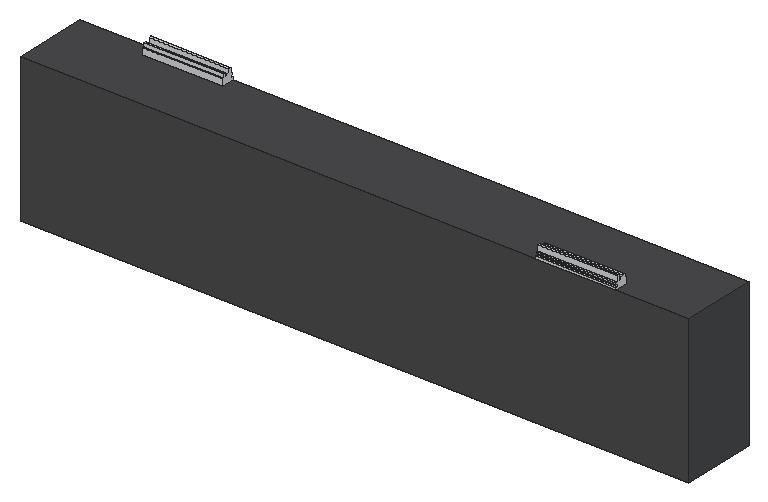
Revit family "DTM15W3.1.15", category Luminarias, Revit 2019
Family settings
  Cota de conector redondo = Diámetro de uso
  Tipo de pieza = Normal
  Se basa en plano de trabajo = Sí
  Siempre vertical = Sí
  Corte con vacíos al cargar = No
  Origen de luz = Sí
  Compartido = No
  Punto de cálculo de habitación = No
Parameters (values of type "RECTANGULAR DWN RIEL_DTM15W3.1.15")
  Ángulo de inclinación = 60.00°
  Zone [instance] = ""
  Watt per fixture = 15
  Wattage = 15 W
  built-in parameter 1150107 = 3000 (stored number, unit not read)
  built-in parameter 1150110 = 1 (stored number, unit not read)
  built-in parameter 1150109 = 1 (stored number, unit not read)
  built-in parameter 1150112 = 1 (stored number, unit not read)
  built-in parameter 1150113 = 1 (stored number, unit not read)
  built-in parameter 1114218 = 1 (stored number, unit not read)
  Keynote = ""
  built-in parameter 1150137 = (empty or 0)
  built-in parameter 1150132 = (empty or 0)
  Modelo = "DTM15W3.1.15"
  Lámpara = "3030SMD PHILIPS"
  built-in parameter 1150105 = 102.65 (stored number, unit not read)
  built-in parameter 1150102 = (empty or 0)
  built-in parameter 1150106 = 1.0265 (stored number, unit not read)
  Lumens = 1290 lm
  Color Filter = 16777215
  built-in parameter 1114217 = 1 (stored number, unit not read)
  built-in parameter 1150139 = (empty or 0)
  Fabricante = "BRILLANT"
  Default Elevation = 1219.2 mm
  built-in parameter 1150104 = 7.9897 (stored number, unit not read)
  Descripción = "LUMINARIA DOWNLIGHT EN FORMATO RECTANGULAR COMPATIBLE CON RIEL DE 6 ENTRADAS Y 3 CIRCUITOS, CUERPO DE ALUMINIO ACABADO EN COLOR NEGRO, IP 20, PESO 0.78Kg, TIPO DE LED 3030SMD PHILIPS CON 15W TOTAL, 1300 LUMENES, 86LM/W, IRC 90, TEMPERATURA EN BLANCO CALIDO 3000K, 50 MIL HORAS DE VIDA PROMEDIO, APERTURA DE 15 GRADOS POR PROYECTO, ALIMENTADO A 90-240V"
  built-in parameter 1150115 = 1 (stored number, unit not read)
  built-in parameter 1150114 = 1 (stored number, unit not read)
  Comentarios de vataje = "90-240V"
  built-in parameter 1150138 = (empty or 0)
  built-in parameter 1150134 = (empty or 0)
  Circuit [instance] = ""
  Dimming Lamp Color Temperature Shift = (empty or 0)
  Archivo de red fotométrica = "L328A-15W-830-B-15_IESNA95.IES"
  built-in parameter 1150133 = 10 (stored number, unit not read)
Reference planes
  plane 1 "Centro (Frontal/Posterior)": y = 0
  plane 2: z = 0
  plane 3 "Centro (Izquierda/Derecha)": x = 0
Forms (mm)
  Extrusion 1, solid, material "Default Form"
    sketch origin (0, 0, 0) x (1, 0, 0) y (0, 0, 1)
      loop
        line (-164, 0) -> (-164, -72) -> (164, -72) -> (164, 0) -> (-164, 0)
    from -18.326 to 18.326
  Extrusion 2, solid
    sketch origin (0, 0, 3.217) x (0, 1, 0) y (0, 0, 1)
      loop
        line (-12.149, -3.217) -> (-12.149, 0) -> (-12.935, 0) -> (-12.935, 1.637) -> (-13.796, 1.637) -> (-13.796, 0) -> (-14.582, 0) -> (-14.582, 0.811) -> (-15.443, 0.811) -> (-15.443, 0) -> (-16.233, 0) -> (-16.233, 2.691) -> (-17.279, 2.691) -> (-17.279, 0) -> (-18.061, 0) -> (-18.061, -0.861) -> (-17.162, -0.861) -> (-17.162, -2.042) -> (-18.326, -2.042) -> (-18.326, -3.217) -> (-12.149, -3.217)
    from 89.098 to 128.24
  Blend 3, void
    base sketch origin (0, 0, 0) x (1, 0, 0) y (0, 1, 0)
      loop
        line (-162, 16.149) -> (-162, -16.149) -> (-144.14, -16.149) -> (-144.14, 16.149) -> (-162, 16.149)
    top sketch origin (0, 0, 0) x (1, 0, 0) y (0, 1, 0)
      loop
        line (-160, 12.149) -> (-160, -12.149) -> (-146.14, -12.149) -> (-146.14, 12.149) -> (-160, 12.149)
    from -72 to -61.591
  Blend 4, void
    base sketch origin (21.86, 0, 0) x (1, 0, 0) y (0, 1, 0)
      loop
        line (-162, 16.149) -> (-162, -16.149) -> (-144.14, -16.149) -> (-144.14, 16.149) -> (-162, 16.149)
    top sketch origin (21.86, 0, 0) x (1, 0, 0) y (0, 1, 0)
      loop
        line (-160, 12.149) -> (-160, -12.149) -> (-146.14, -12.149) -> (-146.14, 12.149) -> (-160, 12.149)
    from -72 to -61.591
  Blend 5, void
    base sketch origin (43.72, 0, 0) x (1, 0, 0) y (0, 1, 0)
      loop
        line (-162, 16.149) -> (-162, -16.149) -> (-144.14, -16.149) -> (-144.14, 16.149) -> (-162, 16.149)
    top sketch origin (43.72, 0, 0) x (1, 0, 0) y (0, 1, 0)
      loop
        line (-160, 12.149) -> (-160, -12.149) -> (-146.14, -12.149) -> (-146.14, 12.149) -> (-160, 12.149)
    from -72 to -61.591
  Blend 6, void
    base sketch origin (65.58, 0, 0) x (1, 0, 0) y (0, 1, 0)
      loop
        line (-162, 16.149) -> (-162, -16.149) -> (-144.14, -16.149) -> (-144.14, 16.149) -> (-162, 16.149)
    top sketch origin (65.58, 0, 0) x (1, 0, 0) y (0, 1, 0)
      loop
        line (-160, 12.149) -> (-160, -12.149) -> (-146.14, -12.149) -> (-146.14, 12.149) -> (-160, 12.149)
    from -72 to -61.591
  Blend 7, void
    base sketch origin (87.44, 0, 0) x (1, 0, 0) y (0, 1, 0)
      loop
        line (-162, 16.149) -> (-162, -16.149) -> (-144.14, -16.149) -> (-144.14, 16.149) -> (-162, 16.149)
    top sketch origin (87.44, 0, 0) x (1, 0, 0) y (0, 1, 0)
      loop
        line (-160, 12.149) -> (-160, -12.149) -> (-146.14, -12.149) -> (-146.14, 12.149) -> (-160, 12.149)
    from -72 to -61.591
  Blend 8, void
    base sketch origin (109.3, 0, 0) x (1, 0, 0) y (0, 1, 0)
      loop
        line (-162, 16.149) -> (-162, -16.149) -> (-144.14, -16.149) -> (-144.14, 16.149) -> (-162, 16.149)
    top sketch origin (109.3, 0, 0) x (1, 0, 0) y (0, 1, 0)
      loop
        line (-160, 12.149) -> (-160, -12.149) -> (-146.14, -12.149) -> (-146.14, 12.149) -> (-160, 12.149)
    from -72 to -61.591
  Blend 9, void
    base sketch origin (131.16, 0, 0) x (1, 0, 0) y (0, 1, 0)
      loop
        line (-162, 16.149) -> (-162, -16.149) -> (-144.14, -16.149) -> (-144.14, 16.149) -> (-162, 16.149)
    top sketch origin (131.16, 0, 0) x (1, 0, 0) y (0, 1, 0)
      loop
        line (-160, 12.149) -> (-160, -12.149) -> (-146.14, -12.149) -> (-146.14, 12.149) -> (-160, 12.149)
    from -72 to -61.591
  Blend 10, void
    base sketch origin (153.02, 0, 0) x (1, 0, 0) y (0, 1, 0)
      loop
        line (-162, 16.149) -> (-162, -16.149) -> (-144.14, -16.149) -> (-144.14, 16.149) -> (-162, 16.149)
    top sketch origin (153.02, 0, 0) x (1, 0, 0) y (0, 1, 0)
      loop
        line (-160, 12.149) -> (-160, -12.149) -> (-146.14, -12.149) -> (-146.14, 12.149) -> (-160, 12.149)
    from -72 to -61.591
  Blend 11, void
    base sketch origin (174.88, 0, 0) x (1, 0, 0) y (0, 1, 0)
      loop
        line (-162, 16.149) -> (-162, -16.149) -> (-144.14, -16.149) -> (-144.14, 16.149) -> (-162, 16.149)
    top sketch origin (174.88, 0, 0) x (1, 0, 0) y (0, 1, 0)
      loop
        line (-160, 12.149) -> (-160, -12.149) -> (-146.14, -12.149) -> (-146.14, 12.149) -> (-160, 12.149)
    from -72 to -61.591
  Blend 12, void
    base sketch origin (196.74, 0, 0) x (1, 0, 0) y (0, 1, 0)
      loop
        line (-162, 16.149) -> (-162, -16.149) -> (-144.14, -16.149) -> (-144.14, 16.149) -> (-162, 16.149)
    top sketch origin (196.74, 0, 0) x (1, 0, 0) y (0, 1, 0)
      loop
        line (-160, 12.149) -> (-160, -12.149) -> (-146.14, -12.149) -> (-146.14, 12.149) -> (-160, 12.149)
    from -72 to -61.591
  Blend 13, void
    base sketch origin (218.6, 0, 0) x (1, 0, 0) y (0, 1, 0)
      loop
        line (-162, 16.149) -> (-162, -16.149) -> (-144.14, -16.149) -> (-144.14, 16.149) -> (-162, 16.149)
    top sketch origin (218.6, 0, 0) x (1, 0, 0) y (0, 1, 0)
      loop
        line (-160, 12.149) -> (-160, -12.149) -> (-146.14, -12.149) -> (-146.14, 12.149) -> (-160, 12.149)
    from -72 to -61.591
  Blend 14, void
    base sketch origin (240.46, 0, 0) x (1, 0, 0) y (0, 1, 0)
      loop
        line (-162, 16.149) -> (-162, -16.149) -> (-144.14, -16.149) -> (-144.14, 16.149) -> (-162, 16.149)
    top sketch origin (240.46, 0, 0) x (1, 0, 0) y (0, 1, 0)
      loop
        line (-160, 12.149) -> (-160, -12.149) -> (-146.14, -12.149) -> (-146.14, 12.149) -> (-160, 12.149)
    from -72 to -61.591
  Blend 15, void
    base sketch origin (262.32, 0, 0) x (1, 0, 0) y (0, 1, 0)
      loop
        line (-162, 16.149) -> (-162, -16.149) -> (-144.14, -16.149) -> (-144.14, 16.149) -> (-162, 16.149)
    top sketch origin (262.32, 0, 0) x (1, 0, 0) y (0, 1, 0)
      loop
        line (-160, 12.149) -> (-160, -12.149) -> (-146.14, -12.149) -> (-146.14, 12.149) -> (-160, 12.149)
    from -72 to -61.591
  Blend 16, void
    base sketch origin (284.18, 0, 0) x (1, 0, 0) y (0, 1, 0)
      loop
        line (-162, 16.149) -> (-162, -16.149) -> (-144.14, -16.149) -> (-144.14, 16.149) -> (-162, 16.149)
    top sketch origin (284.18, 0, 0) x (1, 0, 0) y (0, 1, 0)
      loop
        line (-160, 12.149) -> (-160, -12.149) -> (-146.14, -12.149) -> (-146.14, 12.149) -> (-160, 12.149)
    from -72 to -61.591
  Blend 17, void
    base sketch origin (306.04, 0, 0) x (1, 0, 0) y (0, 1, 0)
      loop
        line (-162, 16.149) -> (-162, -16.149) -> (-144.14, -16.149) -> (-144.14, 16.149) -> (-162, 16.149)
    top sketch origin (306.04, 0, 0) x (1, 0, 0) y (0, 1, 0)
      loop
        line (-160, 12.149) -> (-160, -12.149) -> (-146.14, -12.149) -> (-146.14, 12.149) -> (-160, 12.149)
    from -72 to -61.591
  Extrusion 18, solid
    sketch origin (0, 0, 3.217) x (0, -1, 0) y (0, 0, 1)
      loop
        line (-12.149, -3.217) -> (-12.149, 0) -> (-12.935, 0) -> (-12.935, 1.637) -> (-13.796, 1.637) -> (-13.796, 0) -> (-14.582, 0) -> (-14.582, 0.811) -> (-15.443, 0.811) -> (-15.443, 0) -> (-16.233, 0) -> (-16.233, 2.691) -> (-17.279, 2.691) -> (-17.279, 0) -> (-18.061, 0) -> (-18.061, -0.861) -> (-17.162, -0.861) -> (-17.162, -2.042) -> (-18.326, -2.042) -> (-18.326, -3.217) -> (-12.149, -3.217)
    from 89.098 to 128.24
Cuts and joins
  Blend 3, Blend 4, Blend 5, Blend 6, Blend 7, Blend 8, Blend 9, Blend 10, Blend 11, Blend 12, Blend 13, Blend 14, Blend 15, Blend 16, Blend 17 cuts Extrusion 1
Dimensions and locks
  equal spacing: Extrusion 1, plane 1 "Centro (Frontal/Posterior)", Extrusion 1
  Extrusion 1 to plane 1 "Centro (Frontal/Posterior)" = 18.326 mm
  Extrusion 1 to Extrusion 1 = 36.651 mm
  Extrusion 1 to Extrusion 1 = 72 mm
  Extrusion 1 to Extrusion 1 = 328 mm
  equal spacing: group 1, group 2, group 3, group 4, group 5, group 6, group 7, group 8, group 9, group 10, group 11, group 12, group 13, group 14  (x3)
  cut or joined group 1 (Extrusion 1, Blend 3, Blend 4, Blend 5, Blend 6, Blend 7, Blend 8, Blend 9, Blend 10, Blend 11, Blend 12, Blend 13, Blend 14, Blend 15, Blend 16, Blend 17) to cut or joined group 1 = 72 mm
  cut or joined group 1 to cut or joined group 1 = 36.651 mm
  cut or joined group 1 to cut or joined group 1 = 328 mm
  equal spacing: cut or joined group 1, plane 1 "Centro (Frontal/Posterior)", cut or joined group 1
  aligned and locked: level to plane 2
Automatic sketch dimensions
  Blend 4 sketch curve to Blend 4 sketch curve = 17.86 mm
  Blend 4 sketch curve to Blend 4 sketch curve = 13.86 mm
  Blend 4 sketch curve to Blend 4 sketch curve = 32.298 mm
  Blend 4 sketch curve to Blend 4 sketch curve = 24.298 mm
  Blend 5 sketch curve to Blend 5 sketch curve = 17.86 mm
  Blend 5 sketch curve to Blend 5 sketch curve = 13.86 mm
  Blend 5 sketch curve to Blend 5 sketch curve = 32.298 mm
  Blend 5 sketch curve to Blend 5 sketch curve = 24.298 mm
  Blend 6 sketch curve to Blend 6 sketch curve = 17.86 mm
  Blend 6 sketch curve to Blend 6 sketch curve = 13.86 mm
  Blend 6 sketch curve to Blend 6 sketch curve = 32.298 mm
  Blend 6 sketch curve to Blend 6 sketch curve = 24.298 mm
  Blend 7 sketch curve to Blend 7 sketch curve = 17.86 mm
  Blend 7 sketch curve to Blend 7 sketch curve = 13.86 mm
  Blend 7 sketch curve to Blend 7 sketch curve = 32.298 mm
  Blend 7 sketch curve to Blend 7 sketch curve = 24.298 mm
  Blend 8 sketch curve to Blend 8 sketch curve = 17.86 mm
  Blend 8 sketch curve to Blend 8 sketch curve = 13.86 mm
  Blend 8 sketch curve to Blend 8 sketch curve = 32.298 mm
  Blend 8 sketch curve to Blend 8 sketch curve = 24.298 mm
  Blend 9 sketch curve to Blend 9 sketch curve = 17.86 mm
  Blend 9 sketch curve to Blend 9 sketch curve = 13.86 mm
  Blend 9 sketch curve to Blend 9 sketch curve = 32.298 mm
  Blend 9 sketch curve to Blend 9 sketch curve = 24.298 mm
  Blend 10 sketch curve to Blend 10 sketch curve = 17.86 mm
  Blend 10 sketch curve to Blend 10 sketch curve = 13.86 mm
  Blend 10 sketch curve to Blend 10 sketch curve = 32.298 mm
  Blend 10 sketch curve to Blend 10 sketch curve = 24.298 mm
  Blend 11 sketch curve to Blend 11 sketch curve = 17.86 mm
  Blend 11 sketch curve to Blend 11 sketch curve = 13.86 mm
  Blend 11 sketch curve to Blend 11 sketch curve = 32.298 mm
  Blend 11 sketch curve to Blend 11 sketch curve = 24.298 mm
  Blend 12 sketch curve to Blend 12 sketch curve = 17.86 mm
  Blend 12 sketch curve to Blend 12 sketch curve = 13.86 mm
  Blend 12 sketch curve to Blend 12 sketch curve = 32.298 mm
  Blend 12 sketch curve to Blend 12 sketch curve = 24.298 mm
  Blend 13 sketch curve to Blend 13 sketch curve = 17.86 mm
  Blend 13 sketch curve to Blend 13 sketch curve = 13.86 mm
  Blend 13 sketch curve to Blend 13 sketch curve = 32.298 mm
  Blend 13 sketch curve to Blend 13 sketch curve = 24.298 mm
  Blend 14 sketch curve to Blend 14 sketch curve = 17.86 mm
  Blend 14 sketch curve to Blend 14 sketch curve = 13.86 mm
  Blend 14 sketch curve to Blend 14 sketch curve = 32.298 mm
  Blend 14 sketch curve to Blend 14 sketch curve = 24.298 mm
  Blend 15 sketch curve to Blend 15 sketch curve = 17.86 mm
  Blend 15 sketch curve to Blend 15 sketch curve = 13.86 mm
  Blend 15 sketch curve to Blend 15 sketch curve = 32.298 mm
  Blend 15 sketch curve to Blend 15 sketch curve = 24.298 mm
  Blend 16 sketch curve to Blend 16 sketch curve = 17.86 mm
  Blend 16 sketch curve to Blend 16 sketch curve = 13.86 mm
  Blend 16 sketch curve to Blend 16 sketch curve = 32.298 mm
  Blend 16 sketch curve to Blend 16 sketch curve = 24.298 mm
  Blend 17 sketch curve to Blend 17 sketch curve = 17.86 mm
  Blend 17 sketch curve to Blend 17 sketch curve = 13.86 mm
  Blend 17 sketch curve to Blend 17 sketch curve = 32.298 mm
  Blend 17 sketch curve to Blend 17 sketch curve = 24.298 mm
  Extrusion 1 sketch curve to level = 0 mm
  Extrusion 1 sketch curve to level = 72 mm
  Extrusion 1 sketch curve to plane 3 "Centro (Izquierda/Derecha)" = 164 mm
  plane 3 "Centro (Izquierda/Derecha)" to Extrusion 1 sketch curve = 164 mm
  Blend 3 sketch curve to plane 1 "Centro (Frontal/Posterior)" = 16.149 mm
  Blend 3 sketch curve to plane 3 "Centro (Izquierda/Derecha)" = 162 mm
  Blend 3 sketch curve to Blend 3 sketch curve = 17.86 mm
  plane 1 "Centro (Frontal/Posterior)" to Blend 3 sketch curve = 16.149 mm
  Blend 3 sketch curve to plane 1 "Centro (Frontal/Posterior)" = 12.149 mm
  Blend 3 sketch curve to plane 3 "Centro (Izquierda/Derecha)" = 160 mm
  Blend 3 sketch curve to Blend 3 sketch curve = 13.86 mm
  plane 1 "Centro (Frontal/Posterior)" to Blend 3 sketch curve = 12.149 mm
  Extrusion 18 sketch curve to level = 0 mm
  level to Extrusion 18 sketch curve = 1.175 mm
  Extrusion 18 sketch curve to plane 1 "Centro (Frontal/Posterior)" = 18.326 mm
  Extrusion 18 sketch curve to Extrusion 18 sketch curve = 0.265 mm
  Extrusion 18 sketch curve to Extrusion 18 sketch curve = 0.782 mm
  Extrusion 18 sketch curve to Extrusion 18 sketch curve = 1.164 mm
  Extrusion 18 sketch curve to Extrusion 18 sketch curve = 1.046 mm
  Extrusion 18 sketch curve to Extrusion 18 sketch curve = 0.789 mm
  Extrusion 18 sketch curve to Extrusion 18 sketch curve = 0.861 mm  (x3)
  Extrusion 18 sketch curve to Extrusion 18 sketch curve = 0.786 mm
  Extrusion 18 sketch curve to Extrusion 18 sketch curve = 0.785 mm
  Extrusion 18 sketch curve to Extrusion 18 sketch curve = 1.181 mm
  level to Extrusion 18 sketch curve = 3.217 mm
  Extrusion 18 sketch curve to Extrusion 18 sketch curve = 0 mm  (x2)
  Extrusion 18 sketch curve to Extrusion 18 sketch curve = 0.811 mm
  Extrusion 18 sketch curve to Extrusion 18 sketch curve = 0.826 mm
  Extrusion 18 sketch curve to Extrusion 18 sketch curve = 1.88 mm
  Extrusion 2 sketch curve to level = 0 mm
  level to Extrusion 2 sketch curve = 1.175 mm
  plane 1 "Centro (Frontal/Posterior)" to Extrusion 2 sketch curve = 18.326 mm
  Extrusion 2 sketch curve to Extrusion 2 sketch curve = 0.265 mm
  Extrusion 2 sketch curve to Extrusion 2 sketch curve = 0.782 mm
  Extrusion 2 sketch curve to Extrusion 2 sketch curve = 0.117 mm
  Extrusion 2 sketch curve to Extrusion 2 sketch curve = 1.046 mm
  Extrusion 2 sketch curve to Extrusion 2 sketch curve = 0.789 mm
  Extrusion 2 sketch curve to Extrusion 2 sketch curve = 0.861 mm  (x3)
  Extrusion 2 sketch curve to Extrusion 2 sketch curve = 0.786 mm
  Extrusion 2 sketch curve to Extrusion 2 sketch curve = 0.785 mm
  Extrusion 2 sketch curve to Extrusion 2 sketch curve = 1.181 mm
  Extrusion 2 sketch curve to Extrusion 2 sketch curve = 3.217 mm
  Extrusion 2 sketch curve to Extrusion 2 sketch curve = 0 mm  (x2)
  Extrusion 2 sketch curve to Extrusion 2 sketch curve = 0.811 mm
  Extrusion 2 sketch curve to Extrusion 2 sketch curve = 0.826 mm
  Extrusion 2 sketch curve to Extrusion 2 sketch curve = 1.88 mm
Connectors
  electrical at (0, 0, 0)
    settings: on cut or joined group 1, index 1, voltage 240 V, apparent load 0 VA, apparent load phase1 0 VA, apparent load phase2 0 VA, apparent load phase3 0 VA, power factor 1, load classification "Otro", number of poles 1, system type 31, power factor state 1, is connector primary yes, connector utility no, sub classification motor no, connector description ""
